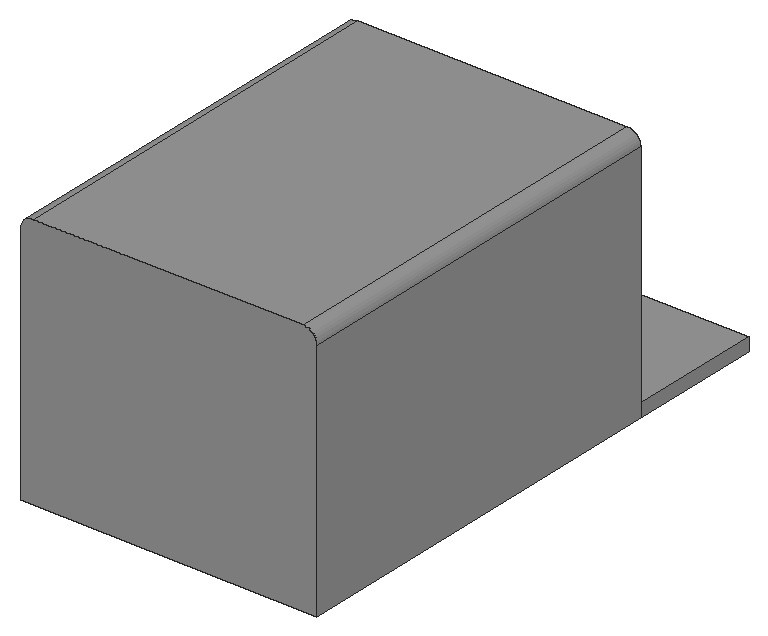
Revit family "Service_Sink-Willoughby-SS-2219-FM", category Plumbing Fixtures, Revit 2015
Parameters (values of type "2219-OF")
  Waste Connection = yes
  Vent Connection = no
  URL = "https://www.willoughby-ind.com/wp-content/uploads/2018/01/SS.pdf"
  Sink Right = 0' - 11"
  Sink Left = 0' - 11"
  SInk Size = 1' - 8"
  Revision = "A"
  Model = "SS-2219-FM"
  Manufacturer = "Willoughby Industries"
  Lav Waste DIA = 1 1/2"
  HW Connection = no
  Fixture Body = Stainless Steel AISI 304-Willoughby
  Description = "Floor Mount Service Sink"
  Default Elevation = 0' - 0"
  Contact = "(800) 428-4065"
  CW Connection = no
Reference planes (in)
  plane 1 "Center (Front/Back)": y = 0
  plane 2: z = 0
  plane 3 "Center (Left/Right)": x = 0
  plane 4 "Sink HGT": y = 30
  plane 5 "Top Of Unit": y = 20
  plane 6: x = -11
  plane 7: x = 11
  plane 8 "bottom of Basin": y = 20
  plane 9: z = 19
  plane 10: z = 1
  plane 11: y = 10
  plane 12 "Sink Drain": y = 17.5625
Forms (in)
  Extrusion 1, solid, material "Stainless Steel AISI 304-Willoughby" <- "Fixture Body"
    sketch origin (0, 20, 0) x (-1, 0, 0) y (0, 0, 1)
      loop
        line (11, 0) -> (11, 18)
        arc (11, 18) -> (10.70711, 18.70711) -> (10, 19) r 1
        line (10, 19) -> (-10, 19)
        arc (-10, 19) -> (-10.70711, 18.70711) -> (-11, 18) r 1
        line (-11, 18) -> (-11, 0) -> (11, 0)
    from -20 to 10
  Extrusion 2, solid, material "Stainless Steel AISI 304-Willoughby" <- "Fixture Body"
    sketch origin (0, 30, 0) x (-1, 0, 0) y (0, 0, 1)
      loop
        line (-11, 0) -> (11, 0) -> (11, 1) -> (-11, 1) -> (-11, 0)
    from 0 to 10
  Extrusion 3, void
    sketch origin (0, 30, 0) x (-1, 0, 0) y (0, 0, 1)
      loop
        arc (-9.5, 18) -> (-9.85355, 17.85355) -> (-10, 17.5) r 0.5
        line (-10, 17.5) -> (-10, 2.5)
        arc (-10, 2.5) -> (-9.85355, 2.14645) -> (-9.5, 2) r 0.5
        line (-9.5, 2) -> (9.5, 2)
        arc (9.5, 2) -> (9.85355, 2.14645) -> (10, 2.5) r 0.5
        line (10, 2.5) -> (10, 17.5)
        arc (10, 17.5) -> (9.85355, 17.85355) -> (9.5, 18) r 0.5
        line (9.5, 18) -> (-9.5, 18)
    from 0 to -10
  Revolve 4, solid, material "Stainless Steel AISI 304-Willoughby" <- "Fixture Body"
    sketch origin (0, 17.5625, -1) x (-1, 0, 0) y (0, 0, 1)
      loop
        line (0, 1) -> (0.75, 1) -> (0.75, 2) -> (0, 2) -> (0, 1)
      axis (0, 2) -> (0, 1)
    angle from 0 to 360
Cuts and joins
  Extrusion 3 cuts Extrusion 1
Lines and regions (in)
  symbolic lines
    curve 1: line (-11, 10, 0) -> (-11, 30, 0)
    curve 2: line (-11, 30, 0) -> (11, 30, 0)
    curve 3: line (11, 30, 0) -> (11, 10, 0)
    curve 4: line (11, 10, 0) -> (-11, 10, 0)
    curve 5: line (-11, 30, 0) -> (-11, 40, 0)
    curve 6: line (-11, 40, 0) -> (11, 40, 0)
    curve 7: line (11, 40, 0) -> (11, 30, 0)
    curve 23: line (0, 10, 0) -> (0, 30, 0)
    curve 24: line (0, 30, 0) -> (0, 30, 19)
    curve 25: line (0, 30, 19) -> (0, 10, 19)
    curve 26: line (0, 10, 19) -> (0, 10, 0)
  symbolic lines, detail levels medium+fine
    curve 8: line (-11, 17.5625, 0) -> (11, 17.5625, 0)
    curve 9: line (11, 17.5625, 0) -> (11, 17.5625, 18)
    curve 10: arc (11, 17.5625, 18) -> (10.70711, 17.5625, 18.70711) -> (10, 17.5625, 19) r 1
    curve 11: line (10, 17.5625, 19) -> (-10, 17.5625, 19)
    curve 12: arc (-10, 17.5625, 19) -> (-10.70711, 17.5625, 18.70711) -> (-11, 17.5625, 18) r 1
    curve 13: line (-11, 17.5625, 18) -> (-11, 17.5625, 0)
    curve 14: line (-11, 17.5625, 1) -> (11, 17.5625, 1)
    curve 22: arc (9.5, 17.5625, 2) -> (9.85355, 17.5625, 2.14645) -> (10, 17.5625, 2.5) r 0.5
    curve 27: line (0, 30, 0) -> (0, 40, 0)
    curve 28: line (0, 40, 0) -> (0, 40, 1)
    curve 29: line (0, 40, 1) -> (0, 30, 1)
  symbolic lines, detail levels fine
    curve 15: line (10, 17.5625, 2.5) -> (10, 17.5625, 17.5)
    curve 16: arc (10, 17.5625, 17.5) -> (9.85355, 17.5625, 17.85355) -> (9.5, 17.5625, 18) r 0.5
    curve 17: line (9.5, 17.5625, 18) -> (-9.5, 17.5625, 18)
    curve 18: arc (-9.5, 17.5625, 18) -> (-9.85355, 17.5625, 17.85355) -> (-10, 17.5625, 17.5) r 0.5
    curve 19: line (-10, 17.5625, 17.5) -> (-10, 17.5625, 2.5)
    curve 20: arc (-10, 17.5625, 2.5) -> (-9.85355, 17.5625, 2.14645) -> (-9.5, 17.5625, 2) r 0.5
    curve 21: line (-9.5, 17.5625, 2) -> (9.5, 17.5625, 2)
Dimensions and locks (in)
  plane 1 "Center (Front/Back)" to plane 4 "Sink HGT" = 2' - 6"
  plane 1 "Center (Front/Back)" to plane 5 "Top Of Unit" = 1' - 8"
  "SInk Size": plane 4 "Sink HGT" to plane 11
  "Sink Left": plane 6 to plane 3 "Center (Left/Right)"
  "Sink Right": plane 3 "Center (Left/Right)" to plane 7
  aligned and locked: plane 9 to Extrusion 1
  aligned and locked: plane 6 to Extrusion 1
  aligned and locked: Extrusion 1 to plane 7
  aligned and locked: Extrusion 1 to level
  aligned and locked: plane 4 "Sink HGT" to Extrusion 1
  aligned and locked: plane 10 to Extrusion 2
  aligned and locked: plane 6 to Extrusion 2
  aligned and locked: Extrusion 2 to level
  aligned and locked: Extrusion 2 to plane 7
  aligned and locked: Extrusion 2 to plane 4 "Sink HGT"
  aligned and locked: Extrusion 1 to Extrusion 2
  aligned and locked: Extrusion 2 to Extrusion 1
  aligned and locked: Extrusion 3 to plane 4 "Sink HGT"
  aligned and locked: plane 5 "Top Of Unit" to Extrusion 3
  aligned and locked: Revolve 4 sketch curve to Revolve 4 sketch curve  (x2)
  aligned and locked: curve 13 to curve 14
  aligned and locked: curve 14 to Extrusion 2
Automatic sketch dimensions
  curve 1 to plane 6 = 0' - 0"
  curve 3 to plane 7 = 0' - 0"
  curve 1 to plane 11 = 0' - 0"
  curve 3 to plane 4 "Sink HGT" = 0' - 0"
  curve 2 to curve 6 = 0' - 10"
  curve 23 to level = 0' - 0"
  curve 23 to plane 11 = 0' - 0"
  curve 25 to plane 4 "Sink HGT" = 0' - 0"
  curve 28 to plane 10 = 0' - 0"
  curve 24 to plane 9 = 0' - 0"
  curve 29 to curve 28 = 0' - 10"
  Extrusion 1 sketch curve to level = 0' - 0"
  plane 7 to Extrusion 1 sketch curve = 0' - 0"
  Extrusion 1 sketch curve to plane 9 = 0' - 0"
  plane 6 to Extrusion 1 sketch curve = 0' - 0"
  plane 7 to Extrusion 1 sketch curve = 0' - 1"
  Extrusion 1 sketch curve to plane 6 = 0' - 1"
  plane 7 to Extrusion 2 sketch curve = 0' - 0"
  Extrusion 2 sketch curve to level = 0' - 0"
  plane 6 to Extrusion 2 sketch curve = 0' - 0"
  Extrusion 2 sketch curve to plane 10 = 0' - 0"
  plane 7 to Extrusion 3 sketch curve = 0' - 1"
  Extrusion 3 sketch curve to Extrusion 3 sketch curve = 0' - 0 1/2"  (x3)
  Extrusion 3 sketch curve to plane 6 = 0' - 1 1/2"  (x2)
  plane 10 to Extrusion 3 sketch curve = 0' - 1"
  Extrusion 3 sketch curve to plane 9 = 0' - 1 1/2"
  Revolve 4 sketch curve to level = 0' - 0"  (x2)
  Revolve 4 sketch curve to plane 3 "Center (Left/Right)" = 0' - 0"
  Revolve 4 sketch curve to plane 10 = 0' - 0"
  Revolve 4 sketch curve to Revolve 4 sketch curve = 0' - 0 3/4"
  plane 7 to curve 10 = 0' - 0"
  curve 10 to plane 9 = 0' - 0"
  plane 6 to curve 13 = 0' - 0"
  curve 8 to level = 0' - 0"
  plane 7 to curve 11 = 0' - 1"
  plane 7 to curve 15 = 0' - 1"
  curve 10 to curve 17 = 0' - 0 1/2"
  curve 15 to curve 21 = 0' - 0 1/2"
  curve 18 to plane 6 = 0' - 1 1/2"
  curve 21 to plane 6 = 0' - 1 1/2"
  curve 18 to curve 19 = 0' - 0 1/2"
  curve 17 to curve 12 = 0' - 0 1/2"
  plane 10 to curve 21 = 0' - 1"
  curve 19 to curve 12 = 0' - 0 1/2"
Connectors (in)
  piping at (0, 17.5625, 0), diameter 1.5, driven by "Lav Waste DIA", driven by "Waste Connection"
    settings: on Revolve 4, index 1, connector inside diameter 24", connector length 0' - 0", flow factor 0, pipe flow 0 GPM, pressure drop 0.00 psi, fitting loss kfactor 0, connector angle 0.00°, fixture units 0, engagement length 0' - 0", angle of deflection 0.00°, flow configuration 0, flow direction 2, fitting loss method 0, system type 16, joint type 0, gender type 0, connector reference index -1, connector utility 1, adjustable connector no, is connector primary yes, connector description "Sink Waste"
